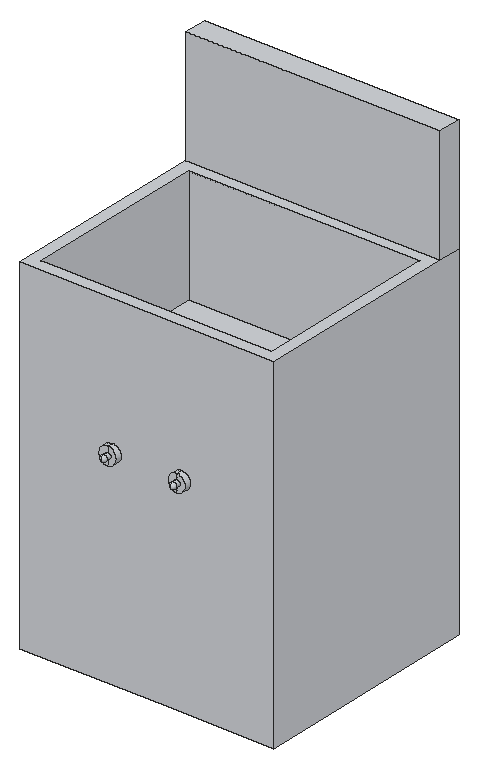
Revit family "Service_Sink-Willoughby-SS-2419-FM-FA", category Plumbing Fixtures, Revit 2015
Parameters
  URL = "www.willoughby-ind.com"
  Revision = "A"
  Model = "SS-2419-FM-FA"
  Manufacturer = "Willoughby Industries"
  Description = "24\" x 19\" Service sink, Floor mounted, Wall outlet"
  Contact number = "(800) 428-4065"
Reference planes (in)
  plane 1 "Center (Front/Back)": y = 0
  plane 2: z = 0
  plane 3 "Center (Left/Right)": x = 0
Forms (in)
  Extrusion 1, solid
    sketch origin (1, 0, 0) x (1, 0, 0) y (0, 0, 1)
      loop
        line (0, 0) -> (10, 0) -> (10, 30) -> (-12, 30) -> (-12, 0) -> (0, 0)
    from 0 to 20
  Extrusion 2, solid
    sketch origin (0, 0, 0) x (1, 0, 0) y (0, 1, 0)
      loop
        line (-11, 0) -> (-11, -2) -> (11, -2) -> (11, 0) -> (-11, 0)
    from 30 to 40
  Extrusion 3, void
    sketch origin (0, 0, 0) x (1, 0, 0) y (0, 1, 0)
      loop
        line (-10, -19) -> (10, -19) -> (10, -3) -> (-10, -3) -> (-10, -19)
    from 20 to 30
  Revolve 4, solid
    sketch origin (-3, 0, 0) x (0, 1, 0) y (0, 0, 1)
      loop
        line (-20, 18) -> (-20, 18.75) -> (-20.5, 18.75) -> (-20.5, 18.25) -> (-20.91299, 18.25)
        arc (-20.91299, 18.25) -> (-21.08976, 18.17678) -> (-21.16299, 18) r 0.25
        line (-21.16299, 18) -> (-20, 18)
      axis (-20, 18) -> (-21.16299, 18)
    angle from 0 to 360
  Revolve 5, solid
    sketch origin (3, 0, 0) x (0, 1, 0) y (0, 0, 1)
      loop
        line (-20, 18) -> (-20, 18.75) -> (-20.5, 18.75) -> (-20.5, 18.25) -> (-20.91299, 18.25)
        arc (-20.91299, 18.25) -> (-21.08976, 18.17678) -> (-21.16299, 18) r 0.25
        line (-21.16299, 18) -> (-20, 18)
      axis (-20, 18) -> (-21.16299, 18)
    angle from 0 to 360
  Extrusion 6, solid
    sketch origin (0, 0, 0) x (1, 0, 0) y (0, 1, 0)
      loop
        line (-11, -4.5) -> (-11.125, -4.5) -> (-11.125, -16.5) -> (-11, -16.5) -> (-11, -4.5)
    from 6 to 22
  Revolve 7, solid
    sketch origin (0, 0, 0) x (0, 1, 0) y (0, 0, 1)
      loop
        line (0, 17.5) -> (0.0625, 17.5) -> (0.0625, 18.25) -> (0, 18.25) -> (0, 17.5)
      axis (0, 17.5) -> (0.0625, 17.5)
    angle from 0 to 360
  Extrusion 8, solid
    sketch origin (0, 0, 0) x (1, 0, 0) y (0, 0, 1)
      loop
        circle (0, 35) r 0.25
    from -0.0625 to 0
Cuts and joins
  Extrusion 3 cuts Extrusion 1
Dimensions and locks (in)
  group 1 to group 2 = 0' - 6"
  group 1 to group 2 = 0' - 0"  (x2)
  aligned and locked: level to plane 2
  aligned and locked: Extrusion 2 sketch curve to Extrusion 1  (x2)
  aligned and locked: Revolve 4 sketch curve to Revolve 4 sketch curve  (x2)
  aligned and locked: Revolve 5 sketch curve to Revolve 5 sketch curve  (x2)
  aligned and locked: Revolve 7 sketch curve to Revolve 7 sketch curve  (x3)
